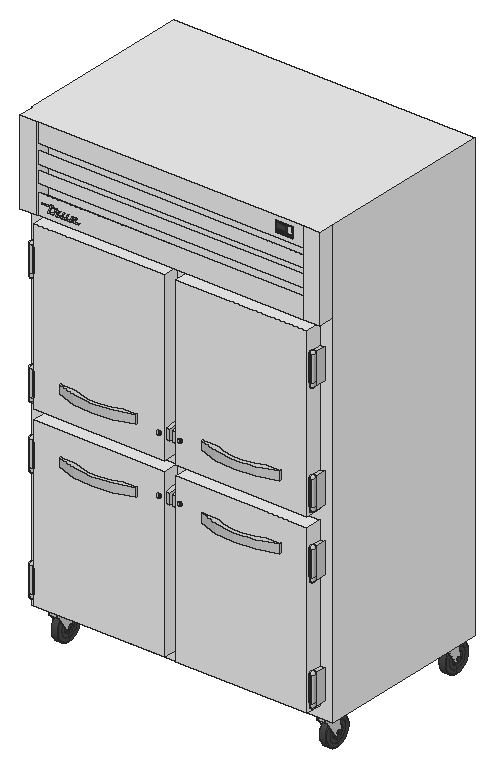
Revit family
Parameters
  Weight in Pounds = 0
  Watts = Volts * FL Amps  # 1334 W
  Volts = 115 V
  URL Cutsheet = "www.truemfg.com"
  URL = "www.truemfg.com"
  Type Mark [instance] = ""
  Type Comments = ""
  Status [instance] = ""
  Specification by User [instance] = ""
  Specification by Manufacturer = ""
  Show Seismic Flanged [instance] = no
  Show Logo [instance] = yes
  Show Legs [instance] = no
  Show Clearance [instance] = yes
  Serial Number = ""
  Seismic Rating = ""
  Seismic Plate [instance] = and(Show Seismic Flanged, not(Show Casters))  # no
  SMACNA No = ""
  Revision Code [instance] = ""
  Phase = 1
  Omniclass Number and Title = ""
  Number of Poles [instance] = 1
  NAFEM Spec ID Number = ""
  Model = "STG2DT-4HS"
  Min Ckt Ampacity = 0 A
  Max Overcurrent Protection = 0 A
  Masterspec = ""
  Manufacturer = "TRUE FOOD SERVICE EQUIPMENT, INC."
  Length = 52 5/8"
  Legs [instance] = or(Show Legs, Show Seismic Flanged)  # no
  Item Number [instance] = ""
  Installed By [instance] = ""
  Identify Quantity as Lot [instance] = yes
  Height = 77 3/4"
  HP = ""
  Furnished By [instance] = ""
  Foodservice Equipment Identifier [instance] = yes
  FL Amps = 11.6 A
  Electrical Remarks [instance] = ""
  Electric Connection Type [instance] = ""
  Elec Conn RI Height [instance] = 0"
  Elec Conn Connection Height [instance] = 0"
  Description = "Reach-in Solid Half Swing Door Dual Temperature Refrigerator/Freezer"
  Depth = 33 3/4"
  Cycle = 60 Hz
  Conn Plug = "5-20P"
  Conn Conduit = yes
  Show Casters [instance] = and(not(if(Show Legs, Show Legs, Show Legs)), not(if(Show Legs, Show Legs, Show Seismic Flanged)))  # yes
  CSI MasterFormat = ""
  CSI Master Format = ""
  Apparent Power = if(Phase = 3, Volts * FL Amps * 1.73, Volts * FL Amps)  # 1334 VA
Reference planes (in)
  plane 1 "BACK": y = 0
  plane 2: z = 0
  plane 3 "LEFT": x = 0
  plane 4 "RIGHT": x = 52.625
  plane 5 "FRONT": y = -33.75
  plane 6 "TOP": z = 84.125
  plane 7: z = 6.125
  plane 8: x = 26.3125
  plane 9: x = 3
  plane 10: x = 49.9375
  plane 11: y = -33.7042
  plane 12: x = 26.46875
Forms (in)
  Extrusion 1, solid, material "QF_Finishes_Chrome - Satin"
    sketch origin (0.05, 0, 0) x (1, 0, 0) y (0, 1, 0)
      loop
        line (-0.05, 0) -> (-0.05, -31) -> (2.35625, -31) -> (2.35625, 0) -> (-0.05, 0)
    from 6.125 to 84.125
  Extrusion 2, solid, material "QF_Finishes_Chrome - Satin"
    sketch origin (50.15, 0, 0) x (1, 0, 0) y (0, 1, 0)
      loop
        line (0.225, 0) -> (0.225, -31) -> (2.475, -31) -> (2.475, 0) -> (0.225, 0)
    from 6.125 to 84.125
  Extrusion 3, solid, material "QF_Finishes_Chrome - Satin"
    sketch origin (0, 0, 0) x (0, 1, 0) y (0, 0, 1)
      loop
        line (-33.7042, 69.5) -> (-31, 69.5) -> (-31, 6.125) -> (0, 6.125) -> (0, 84.125) -> (-33.7042, 84.125) -> (-33.7042, 80.78078) -> (-31.5, 79.21352) -> (-31.5, 78.09125) -> (-33.7042, 79.65851) -> (-33.7042, 77.5248) -> (-31.5, 75.95754) -> (-31.5, 74.99678) -> (-33.7042, 76.56404) -> (-33.7042, 74.46784) -> (-31.5, 72.90057) -> (-31.5, 71.625) -> (-33.7042, 73.19226) -> (-33.7042, 69.5)
    from 2.25 to 50.375
  Extrusion 4, solid, material "QF_Finishes_Chrome - Satin"
    sketch origin (0, 0, 0) x (1, 0, 0) y (0, 1, 0)
      loop
        line (52.54687, -31) -> (49.66032, -31) -> (49.66032, -33.75) -> (52.54687, -33.75) -> (52.54687, -31)
    from 69.5 to 84.125
  Extrusion 5, solid, material "QF_Finishes_Chrome - Satin"
    sketch origin (-50.125, 0, 0.25) x (1, 0, 0) y (0, 1, 0)
      loop
        line (53.20984, -31) -> (50.20312, -31) -> (50.20312, -33.75) -> (53.20984, -33.75) -> (53.20984, -31)
    from 69.25 to 83.875
  Extrusion 6, solid, material "QF_Finishes_Chrome - Satin"
    sketch origin (0, 0, -0.71875) x (1, 0, 0) y (0, 0, 1)
      loop
        line (2.4375, 68.6875) -> (2.4375, 39.59375) -> (25.375, 39.59375) -> (25.375, 68.6875) -> (2.4375, 68.6875)
      loop
        line (50.34375, 68.6875) -> (27.40625, 68.6875) -> (27.40625, 39.59375) -> (50.34375, 39.59375) -> (50.34375, 68.6875)
      loop
        line (2.4375, 8.75) -> (25.375, 8.75) -> (25.375, 37.84375) -> (2.4375, 37.84375) -> (2.4375, 8.75)
      loop
        line (27.40625, 8.75) -> (50.34375, 8.75) -> (50.34375, 37.84375) -> (27.40625, 37.84375) -> (27.40625, 8.75)
    from 31 to 33.75
  Extrusion 7, solid, material "QF_Finishes_Handrails and Railings"
    sketch origin (85.95, -0.25, 32.09144) x (1, 0, 0) y (0, 1, 0)
      loop
        line (-53.875, -33.5) -> (-53.875, -33.7)
        arc (-53.875, -33.7) -> (-47.075, -35.14405) -> (-40.275, -33.7) r 16.7325
        line (-40.275, -33.7) -> (-40.275, -33.5) -> (-42.675, -33.5)
        arc (-42.675, -33.5) -> (-47.075, -34.65816) -> (-51.475, -33.5) r 8.93715
        line (-51.475, -33.5) -> (-53.875, -33.5)
    from 10.87731 to 12.37731
  Extrusion 8, solid, material "QF_Finishes_Handrails and Railings"
    sketch origin (1.75, 0, 2.875) x (1, 0, 0) y (0, 0, 1)
      loop
        circle (22.6875, 40.0625) r 0.35
      loop
        line (22.65235, 40.33635) -> (22.65235, 39.76895) -> (22.70785, 39.76895) -> (22.70785, 40.33635) -> (22.65235, 40.33635)
      loop
        circle (26.3125, 40.0625) r 0.35
      loop
        line (26.34765, 40.33635) -> (26.29215, 40.33635) -> (26.29215, 39.76895) -> (26.34765, 39.76895) -> (26.34765, 40.33635)
    from 33.5 to 33.83066
  Extrusion 9, solid, material "QF_Finishes_Handrails and Railings", visible <- "Show Logo"
    sketch origin (0.33478, 1.08173, -6.73143) x (1, 0, 0) y (0, 0, 1)
      loop
        line (3.61669, 78.46231) -> (3.51103, 78.23573) -> (4.91652, 78.23573)
        arc (4.91652, 78.23573) -> (4.94504, 78.18528) -> (4.91652, 78.13484) r 0.05887
        line (4.91652, 78.13484) -> (4.54994, 77.34872)
        arc (4.54994, 77.34872) -> (4.54676, 77.27591) -> (4.596, 77.22217) r 0.09523
        line (4.596, 77.22217) -> (5.49469, 77.22217)
        arc (5.49469, 77.22217) -> (5.60817, 77.25795) -> (5.68061, 77.35235) r 0.19785
        line (5.68061, 77.35235) -> (5.9691, 77.97101) -> (6.23415, 77.97101)
        arc (6.23415, 77.97101) -> (6.30369, 77.94543) -> (6.29362, 77.87203) r 0.05911
        line (6.29362, 77.87203) -> (6.05223, 77.35437)
        arc (6.05223, 77.35437) -> (6.05599, 77.2684) -> (6.12856, 77.22217) r 0.09318
        line (6.12856, 77.22217) -> (6.91823, 77.22217)
        arc (6.91823, 77.22217) -> (6.97874, 77.24419) -> (7.01093, 77.29995) r 0.09412
        arc (7.01093, 77.29995) -> (7.03371, 77.24495) -> (7.08871, 77.22217) r 0.07778
        line (7.08871, 77.22217) -> (7.58871, 77.22217)
        arc (7.58871, 77.22217) -> (7.64647, 77.23765) -> (7.68876, 77.27993) r 0.11552
        arc (7.68876, 77.27993) -> (7.709, 77.23106) -> (7.75787, 77.21081) r 0.06912
        line (7.75787, 77.21081) -> (8.4685, 77.21081)
        arc (8.4685, 77.21081) -> (8.52659, 77.23488) -> (8.55066, 77.29297) r 0.08216
        arc (8.55066, 77.29297) -> (8.60392, 77.23972) -> (8.67667, 77.22022) r 0.14551
        line (8.67667, 77.22022) -> (10.00783, 77.22022) -> (10.15571, 77.47634) -> (8.81303, 77.47634)
        arc (8.81303, 77.47634) -> (8.77597, 77.50204) -> (8.77459, 77.54711) r 0.05009
        line (8.77459, 77.54711) -> (8.79782, 77.59692)
        arc (8.79782, 77.59692) -> (8.83348, 77.64364) -> (8.88952, 77.66135) r 0.09747
        line (8.88952, 77.66135) -> (9.3211, 77.66135)
        arc (9.3211, 77.66135) -> (9.41425, 77.68631) -> (9.48244, 77.7545) r 0.1863
        line (9.48244, 77.7545) -> (9.60744, 77.97101)
        arc (9.60744, 77.97101) -> (9.60744, 78.08657) -> (9.50736, 78.14434) r 0.11556
        line (9.50736, 78.14434) -> (9.05187, 78.14434)
        arc (9.05187, 78.14434) -> (8.93575, 78.12462) -> (8.85474, 78.03912) r 0.18605
        line (8.85474, 78.03912) -> (8.63829, 77.57493)
        arc (8.63829, 77.57493) -> (8.5744, 77.49167) -> (8.47431, 77.46011) r 0.1745
        line (8.47431, 77.46011) -> (8.00184, 77.46011)
        arc (8.00184, 77.46011) -> (7.94528, 77.52184) -> (7.94893, 77.60548) r 0.10939
        line (7.94893, 77.60548) -> (8.2002, 78.14434) -> (8.04028, 78.14434) -> (7.77406, 77.57344)
        arc (7.77406, 77.57344) -> (7.72234, 77.50603) -> (7.6413, 77.48048) r 0.14128
        line (7.6413, 77.48048) -> (7.3155, 77.48048)
        arc (7.3155, 77.48048) -> (7.26044, 77.55223) -> (7.27225, 77.64189) r 0.11816
        line (7.27225, 77.64189) -> (7.50655, 78.14434) -> (7.34139, 78.14434) -> (7.07171, 77.566)
        arc (7.07171, 77.566) -> (7.0091, 77.50339) -> (6.92358, 77.48048) r 0.17104
        line (6.92358, 77.48048) -> (6.4518, 77.48048)
        arc (6.4518, 77.48048) -> (6.36707, 77.51999) -> (6.35892, 77.61313) r 0.0935
        line (6.35892, 77.61313) -> (6.51399, 77.94569) -> (6.7332, 77.94569)
        arc (6.7332, 77.94569) -> (6.7702, 78.05717) -> (6.84892, 78.14434) r 0.2857
        line (6.84892, 78.14434) -> (5.9923, 78.14434)
        arc (5.9923, 78.14434) -> (5.89711, 78.12324) -> (5.83123, 78.05135) r 0.16212
        line (5.83123, 78.05135) -> (5.59904, 77.55341)
        arc (5.59904, 77.55341) -> (5.54565, 77.50002) -> (5.47272, 77.48048) r 0.14586
        line (5.47272, 77.48048) -> (4.96131, 77.48048)
        arc (4.96131, 77.48048) -> (4.92139, 77.53442) -> (4.92899, 77.60109) r 0.09155
        line (4.92899, 77.60109) -> (5.26643, 78.23573) -> (6.1178, 78.23573) -> (6.22346, 78.46231) -> (5.37209, 78.46231) -> (5.47774, 78.68888) -> (5.17487, 78.68888) -> (5.06922, 78.46231) -> (3.61669, 78.46231)
      loop
        arc (8.9943, 77.93863) -> (8.95744, 77.92875) -> (8.93045, 77.90176) r 0.07373
        line (8.93045, 77.90176) -> (8.90854, 77.83436)
        arc (8.90854, 77.83436) -> (8.9187, 77.80983) -> (8.94324, 77.79966) r 0.0347
        line (8.94324, 77.79966) -> (9.31573, 77.79966)
        arc (9.31573, 77.79966) -> (9.34257, 77.80561) -> (9.36437, 77.82234) r 0.0635
        line (9.36437, 77.82234) -> (9.38249, 77.90622)
        arc (9.38249, 77.90622) -> (9.37716, 77.92868) -> (9.35634, 77.93863) r 0.02676
        line (9.35634, 77.93863) -> (8.9943, 77.93863)
    from 34.76797 to 34.83173
  Extrusion 10, solid
    sketch origin (0, 0, 0) x (1, 0, 0) y (0, 0, 1)
      loop
        circle (49.53125, 82) r 0.25
    from 0 to 0.0625
  Extrusion 11, solid, material "QF_Finishes_Handrails and Railings"
    sketch origin (-33.16875, -0.25, 32.09144) x (1, 0, 0) y (0, 1, 0)
      loop
        line (53.71875, -33.5) -> (51.31875, -33.5)
        arc (51.31875, -33.5) -> (47.075, -34.58228) -> (42.83125, -33.5) r 8.86127
        line (42.83125, -33.5) -> (40.43125, -33.5) -> (40.43125, -33.7)
        arc (40.43125, -33.7) -> (47.075, -35.08117) -> (53.71875, -33.7) r 16.66961
        line (53.71875, -33.7) -> (53.71875, -33.5)
    from 10.87731 to 12.37731
  Blend 12, solid, material "QF_Finishes_Handrails and Railings"
    base sketch origin (0.125, 0, 4.875) x (1, 0, 0) y (0, 0, 1)
      loop
        line (25.25, 38.99169) -> (25.25, 37.24169) -> (26, 37.24169) -> (26, 38.99169) -> (25.25, 38.99169)
    top sketch origin (0.125, 0, 4.875) x (1, 0, 0) y (0, 0, 1)
      loop
        line (26.18223, 36.6441) -> (26.18223, 39.42643) -> (25.25, 39.42643) -> (25.25, 36.6441) -> (26.18223, 36.6441)
    from 33.57883 to 31
  Blend 13, solid, material "QF_Finishes_Handrails and Railings"
    base sketch origin (52.65625, 0, 4.875) x (-1, 0, 0) y (0, 0, -1)
      loop
        line (25.25, -38.99169) -> (26, -38.99169) -> (26, -37.24169) -> (25.25, -37.24169) -> (25.25, -38.99169)
    top sketch origin (52.65625, 0, 4.875) x (-1, 0, 0) y (0, 0, -1)
      loop
        line (26.18223, -36.6441) -> (25.25, -36.6441) -> (25.25, -39.42643) -> (26.18223, -39.42643) -> (26.18223, -36.6441)
    from 33.57883 to 31
  Extrusion 14, solid, material "QF_Finishes_Handrails and Railings"
    sketch origin (1.28125, 0, 0) x (0, 1, 0) y (0, 0, 1)
      loop
        line (-31, 64.55229) -> (-32.61044, 64.55229)
        arc (-32.61044, 64.55229) -> (-32.75506, 64.49238) -> (-32.81497, 64.34776) r 0.20453
        line (-32.81497, 64.34776) -> (-32.81497, 59.94848) -> (-33.25, 59.94848) -> (-33.25, 59.23627) -> (-31, 59.23627) -> (-31, 64.55229)
    from 0.17506 to 1
  Revolve 15, solid, material "QF_Finishes_Handrails and Railings"
    sketch origin (1.78125, 0, 0) x (0, 1, 0) y (0, 0, 1)
      loop
        line (-33.26563, 60.00189) -> (-33.26563, 64.81483)
        arc (-33.26563, 64.81483) -> (-33.53722, 64.72557) -> (-33.67229, 64.4736) r 0.3848
        line (-33.67229, 64.4736) -> (-33.67229, 60.00189) -> (-33.26563, 60.00189)
      loop
        line (-33.26563, 59.94848) -> (-33.67229, 59.94848) -> (-33.67229, 59.37712)
        arc (-33.67229, 59.37712) -> (-33.53264, 59.13383) -> (-33.26563, 59.04781) r 0.38884
        line (-33.26563, 59.04781) -> (-33.26563, 59.94848)
      axis (-33.26563, 59.04781) -> (-33.26563, 64.81483)
    angle from 0 to 360
  Extrusion 16, solid, material "QF_Finishes_Handrails and Railings"
    sketch origin (-0.03125, 0, 0) x (1, 0, 0) y (0, 0, 1)
      loop
        line (2.07116, 64.4736) -> (2.07116, 60.00079) -> (2.46875, 60.00079) -> (2.46875, 64.4736) -> (2.07116, 64.4736)
    from 32.81497 to 33.59495
  Extrusion 17, solid, material "QF_Finishes_Handrails and Railings"
    sketch origin (1.28125, 0, -19.5) x (0, 1, 0) y (0, 0, 1)
      loop
        line (-31, 64.55229) -> (-32.61044, 64.55229)
        arc (-32.61044, 64.55229) -> (-32.75506, 64.49238) -> (-32.81497, 64.34776) r 0.20453
        line (-32.81497, 64.34776) -> (-32.81497, 59.94848) -> (-33.25, 59.94848) -> (-33.25, 59.23627) -> (-31, 59.23627) -> (-31, 64.55229)
    from 0.17506 to 1
  Revolve 18, solid, material "QF_Finishes_Handrails and Railings"
    sketch origin (1.78125, 0, -19.5) x (0, 1, 0) y (0, 0, 1)
      loop
        line (-33.26563, 60.00189) -> (-33.26563, 64.81483)
        arc (-33.26563, 64.81483) -> (-33.53722, 64.72557) -> (-33.67229, 64.4736) r 0.3848
        line (-33.67229, 64.4736) -> (-33.67229, 60.00189) -> (-33.26563, 60.00189)
      loop
        line (-33.26563, 59.94848) -> (-33.67229, 59.94848) -> (-33.67229, 59.37712)
        arc (-33.67229, 59.37712) -> (-33.53264, 59.13383) -> (-33.26563, 59.04781) r 0.38884
        line (-33.26563, 59.04781) -> (-33.26563, 59.94848)
      axis (-33.26563, 59.04781) -> (-33.26563, 64.81483)
    angle from 0 to 360
  Extrusion 19, solid, material "QF_Finishes_Handrails and Railings"
    sketch origin (-0.03125, 0, -19.5) x (1, 0, 0) y (0, 0, 1)
      loop
        line (2.07116, 64.4736) -> (2.07116, 60.00079) -> (2.46875, 60.00079) -> (2.46875, 64.4736) -> (2.07116, 64.4736)
    from 32.81497 to 33.59495
  Extrusion 20, solid, material "QF_Finishes_Handrails and Railings"
    sketch origin (1.28125, 0, -30.5) x (0, 1, 0) y (0, 0, 1)
      loop
        line (-31, 64.55229) -> (-32.61044, 64.55229)
        arc (-32.61044, 64.55229) -> (-32.75506, 64.49238) -> (-32.81497, 64.34776) r 0.20453
        line (-32.81497, 64.34776) -> (-32.81497, 59.94848) -> (-33.25, 59.94848) -> (-33.25, 59.23627) -> (-31, 59.23627) -> (-31, 64.55229)
    from 0.17506 to 1
  Revolve 21, solid, material "QF_Finishes_Handrails and Railings"
    sketch origin (1.78125, 0, -30.5) x (0, 1, 0) y (0, 0, 1)
      loop
        line (-33.26563, 60.00189) -> (-33.26563, 64.81483)
        arc (-33.26563, 64.81483) -> (-33.53722, 64.72557) -> (-33.67229, 64.4736) r 0.3848
        line (-33.67229, 64.4736) -> (-33.67229, 60.00189) -> (-33.26563, 60.00189)
      loop
        line (-33.26563, 59.94848) -> (-33.67229, 59.94848) -> (-33.67229, 59.37712)
        arc (-33.67229, 59.37712) -> (-33.53264, 59.13383) -> (-33.26563, 59.04781) r 0.38884
        line (-33.26563, 59.04781) -> (-33.26563, 59.94848)
      axis (-33.26563, 59.04781) -> (-33.26563, 64.81483)
    angle from 0 to 360
  Extrusion 22, solid, material "QF_Finishes_Handrails and Railings"
    sketch origin (-0.03125, 0, -30.5) x (1, 0, 0) y (0, 0, 1)
      loop
        line (2.07116, 64.4736) -> (2.07116, 60.00079) -> (2.46875, 60.00079) -> (2.46875, 64.4736) -> (2.07116, 64.4736)
    from 32.81497 to 33.59495
  Extrusion 23, solid, material "QF_Finishes_Handrails and Railings"
    sketch origin (1.28125, 0, -50.25) x (0, 1, 0) y (0, 0, 1)
      loop
        line (-31, 64.55229) -> (-32.61044, 64.55229)
        arc (-32.61044, 64.55229) -> (-32.75506, 64.49238) -> (-32.81497, 64.34776) r 0.20453
        line (-32.81497, 64.34776) -> (-32.81497, 59.94848) -> (-33.25, 59.94848) -> (-33.25, 59.23627) -> (-31, 59.23627) -> (-31, 64.55229)
    from 0.17506 to 1
  Revolve 24, solid, material "QF_Finishes_Handrails and Railings"
    sketch origin (1.78125, 0, -50.25) x (0, 1, 0) y (0, 0, 1)
      loop
        line (-33.26563, 60.00189) -> (-33.26563, 64.81483)
        arc (-33.26563, 64.81483) -> (-33.53722, 64.72557) -> (-33.67229, 64.4736) r 0.3848
        line (-33.67229, 64.4736) -> (-33.67229, 60.00189) -> (-33.26563, 60.00189)
      loop
        line (-33.26563, 59.94848) -> (-33.67229, 59.94848) -> (-33.67229, 59.37712)
        arc (-33.67229, 59.37712) -> (-33.53264, 59.13383) -> (-33.26563, 59.04781) r 0.38884
        line (-33.26563, 59.04781) -> (-33.26563, 59.94848)
      axis (-33.26563, 59.04781) -> (-33.26563, 64.81483)
    angle from 0 to 360
  Extrusion 25, solid, material "QF_Finishes_Handrails and Railings"
    sketch origin (-0.03125, 0, -50.25) x (1, 0, 0) y (0, 0, 1)
      loop
        line (2.07116, 64.4736) -> (2.07116, 60.00079) -> (2.46875, 60.00079) -> (2.46875, 64.4736) -> (2.07116, 64.4736)
    from 32.81497 to 33.59495
  Extrusion 26, solid, material "QF_Finishes_Handrails and Railings"
    sketch origin (51.34375, 0, 0) x (0, 1, 0) y (0, 0, -1)
      loop
        line (-31, -64.55229) -> (-31, -59.23627) -> (-33.25, -59.23627) -> (-33.25, -59.94848) -> (-32.81497, -59.94848) -> (-32.81497, -64.34776)
        arc (-32.81497, -64.34776) -> (-32.75506, -64.49238) -> (-32.61044, -64.55229) r 0.20453
        line (-32.61044, -64.55229) -> (-31, -64.55229)
    from 0.17506 to 1
  Revolve 27, solid, material "QF_Finishes_Handrails and Railings"
    sketch origin (50.84375, 0, 0) x (0, 1, 0) y (0, 0, -1)
      loop
        line (-33.26563, -60.00189) -> (-33.67229, -60.00189) -> (-33.67229, -64.4736)
        arc (-33.67229, -64.4736) -> (-33.53722, -64.72557) -> (-33.26563, -64.81483) r 0.3848
        line (-33.26563, -64.81483) -> (-33.26563, -60.00189)
      loop
        line (-33.26563, -59.94848) -> (-33.26563, -59.04781)
        arc (-33.26563, -59.04781) -> (-33.53264, -59.13383) -> (-33.67229, -59.37712) r 0.38884
        line (-33.67229, -59.37712) -> (-33.67229, -59.94848) -> (-33.26563, -59.94848)
      axis (-33.26563, -59.04781) -> (-33.26563, -64.81483)
    angle from 0 to 360
  Extrusion 28, solid, material "QF_Finishes_Handrails and Railings"
    sketch origin (52.65625, 0, 0) x (-1, 0, 0) y (0, 0, -1)
      loop
        line (1.75866, -64.4736) -> (2.15625, -64.4736) -> (2.15625, -60.00079) -> (1.75866, -60.00079) -> (1.75866, -64.4736)
    from 32.81497 to 33.59495
  Extrusion 29, solid, material "QF_Finishes_Handrails and Railings"
    sketch origin (51.34375, 0, -19.5) x (0, 1, 0) y (0, 0, -1)
      loop
        line (-31, -64.55229) -> (-31, -59.23627) -> (-33.25, -59.23627) -> (-33.25, -59.94848) -> (-32.81497, -59.94848) -> (-32.81497, -64.34776)
        arc (-32.81497, -64.34776) -> (-32.75506, -64.49238) -> (-32.61044, -64.55229) r 0.20453
        line (-32.61044, -64.55229) -> (-31, -64.55229)
    from 0.17506 to 1
  Revolve 30, solid, material "QF_Finishes_Handrails and Railings"
    sketch origin (50.84375, 0, -19.5) x (0, 1, 0) y (0, 0, -1)
      loop
        line (-33.26563, -60.00189) -> (-33.67229, -60.00189) -> (-33.67229, -64.4736)
        arc (-33.67229, -64.4736) -> (-33.53722, -64.72557) -> (-33.26563, -64.81483) r 0.3848
        line (-33.26563, -64.81483) -> (-33.26563, -60.00189)
      loop
        line (-33.26563, -59.94848) -> (-33.26563, -59.04781)
        arc (-33.26563, -59.04781) -> (-33.53264, -59.13383) -> (-33.67229, -59.37712) r 0.38884
        line (-33.67229, -59.37712) -> (-33.67229, -59.94848) -> (-33.26563, -59.94848)
      axis (-33.26563, -59.04781) -> (-33.26563, -64.81483)
    angle from 0 to 360
  Extrusion 31, solid, material "QF_Finishes_Handrails and Railings"
    sketch origin (52.65625, 0, -19.5) x (-1, 0, 0) y (0, 0, -1)
      loop
        line (1.75866, -64.4736) -> (2.15625, -64.4736) -> (2.15625, -60.00079) -> (1.75866, -60.00079) -> (1.75866, -64.4736)
    from 32.81497 to 33.59495
  Extrusion 32, solid, material "QF_Finishes_Handrails and Railings"
    sketch origin (51.34375, 0, -30.5) x (0, 1, 0) y (0, 0, -1)
      loop
        line (-31, -64.55229) -> (-31, -59.23627) -> (-33.25, -59.23627) -> (-33.25, -59.94848) -> (-32.81497, -59.94848) -> (-32.81497, -64.34776)
        arc (-32.81497, -64.34776) -> (-32.75506, -64.49238) -> (-32.61044, -64.55229) r 0.20453
        line (-32.61044, -64.55229) -> (-31, -64.55229)
    from 0.17506 to 1
  Revolve 33, solid, material "QF_Finishes_Handrails and Railings"
    sketch origin (50.84375, 0, -30.5) x (0, 1, 0) y (0, 0, -1)
      loop
        line (-33.26563, -60.00189) -> (-33.67229, -60.00189) -> (-33.67229, -64.4736)
        arc (-33.67229, -64.4736) -> (-33.53722, -64.72557) -> (-33.26563, -64.81483) r 0.3848
        line (-33.26563, -64.81483) -> (-33.26563, -60.00189)
      loop
        line (-33.26563, -59.94848) -> (-33.26563, -59.04781)
        arc (-33.26563, -59.04781) -> (-33.53264, -59.13383) -> (-33.67229, -59.37712) r 0.38884
        line (-33.67229, -59.37712) -> (-33.67229, -59.94848) -> (-33.26563, -59.94848)
      axis (-33.26563, -59.04781) -> (-33.26563, -64.81483)
    angle from 0 to 360
  Extrusion 34, solid, material "QF_Finishes_Handrails and Railings"
    sketch origin (52.65625, 0, -30.5) x (-1, 0, 0) y (0, 0, -1)
      loop
        line (1.75866, -64.4736) -> (2.15625, -64.4736) -> (2.15625, -60.00079) -> (1.75866, -60.00079) -> (1.75866, -64.4736)
    from 32.81497 to 33.59495
  Extrusion 35, solid, material "QF_Finishes_Handrails and Railings"
    sketch origin (51.34375, 0, -50.25) x (0, 1, 0) y (0, 0, -1)
      loop
        line (-31, -64.55229) -> (-31, -59.23627) -> (-33.25, -59.23627) -> (-33.25, -59.94848) -> (-32.81497, -59.94848) -> (-32.81497, -64.34776)
        arc (-32.81497, -64.34776) -> (-32.75506, -64.49238) -> (-32.61044, -64.55229) r 0.20453
        line (-32.61044, -64.55229) -> (-31, -64.55229)
    from 0.17506 to 1
  Revolve 36, solid, material "QF_Finishes_Handrails and Railings"
    sketch origin (50.84375, 0, -50.25) x (0, 1, 0) y (0, 0, -1)
      loop
        line (-33.26563, -60.00189) -> (-33.67229, -60.00189) -> (-33.67229, -64.4736)
        arc (-33.67229, -64.4736) -> (-33.53722, -64.72557) -> (-33.26563, -64.81483) r 0.3848
        line (-33.26563, -64.81483) -> (-33.26563, -60.00189)
      loop
        line (-33.26563, -59.94848) -> (-33.26563, -59.04781)
        arc (-33.26563, -59.04781) -> (-33.53264, -59.13383) -> (-33.67229, -59.37712) r 0.38884
        line (-33.67229, -59.37712) -> (-33.67229, -59.94848) -> (-33.26563, -59.94848)
      axis (-33.26563, -59.04781) -> (-33.26563, -64.81483)
    angle from 0 to 360
  Extrusion 37, solid, material "QF_Finishes_Handrails and Railings"
    sketch origin (52.65625, 0, -50.25) x (-1, 0, 0) y (0, 0, -1)
      loop
        line (1.75866, -64.4736) -> (2.15625, -64.4736) -> (2.15625, -60.00079) -> (1.75866, -60.00079) -> (1.75866, -64.4736)
    from 32.81497 to 33.59495
  Revolve 38, solid, material "QF_Finishes_Black", visible <- "Show Casters"
    sketch origin (47.78125, -27.375, 0) x (1, 0, 0) y (0, 0, 1)
      loop
        line (1.63125, 5) -> (1.53125, 4.9) -> (1.53125, 4.29941) -> (1.69226, 4.29941) -> (1.69226, 3.54941) -> (1.53125, 3.54941) -> (1.53125, 2.79941) -> (1.13125, 2.79941) -> (1.13125, 2.5) -> (3.18125, 2.5) -> (3.18125, 2.79941) -> (2.78533, 2.79941) -> (2.78533, 3.54941) -> (2.62024, 3.54941) -> (2.62024, 4.29941) -> (2.78533, 4.29941) -> (2.78533, 4.89592) -> (2.68125, 5) -> (1.63125, 5)
      axis (3.18125, 2.5) -> (1.13125, 2.5)
    angle from 0 to 360
  Extrusion 39, solid, material "QF_Finishes_Handrails and Railings", visible <- "Show Casters"
    sketch origin (47.78125, 0, 0) x (0, 1, 0) y (0, 0, 1)
      loop
        line (-29.95136, 5.48574) -> (-29.95136, 4.88089) -> (-29.70136, 4.88089) -> (-27.95216, 2.18736)
        arc (-27.95216, 2.18736) -> (-27.23883, 1.94868) -> (-26.84581, 2.59003) r 0.60416
        line (-26.84581, 2.59003) -> (-27.20136, 5.48574) -> (-29.95136, 5.48574)
      loop
        line (-3.8577, 5.48574) -> (-3.8577, 4.88089) -> (-3.6077, 4.88089) -> (-1.8585, 2.18736)
        arc (-1.8585, 2.18736) -> (-1.14517, 1.94868) -> (-0.75215, 2.59003) r 0.60416
        line (-0.75215, 2.59003) -> (-1.1077, 5.48574) -> (-3.8577, 5.48574)
    from 1.175 to 1.325
  Extrusion 40, solid, material "QF_Finishes_Handrails and Railings", visible <- "Show Casters"
    sketch origin (49.28125, 0, 0) x (0, 1, 0) y (0, 0, 1)
      loop
        line (-29.95136, 5.48574) -> (-29.95136, 4.88089) -> (-29.70136, 4.88089) -> (-27.95216, 2.18736)
        arc (-27.95216, 2.18736) -> (-27.23883, 1.94868) -> (-26.84581, 2.59003) r 0.60416
        line (-26.84581, 2.59003) -> (-27.20136, 5.48574) -> (-29.95136, 5.48574)
      loop
        line (-3.8577, 5.48574) -> (-3.8577, 4.88089) -> (-3.6077, 4.88089) -> (-1.8585, 2.18736)
        arc (-1.8585, 2.18736) -> (-1.14517, 1.94868) -> (-0.75215, 2.59003) r 0.60416
        line (-0.75215, 2.59003) -> (-1.1077, 5.48574) -> (-3.8577, 5.48574)
    from 1.175 to 1.325
  Revolve 41, solid, material "QF_Finishes_Chrome - Satin", visible <- "Show Casters"
    sketch origin (47.78125, -28.5625, -0.5) x (1, 0, 0) y (0, 0, 1)
      loop
        line (2.15625, 5.99546) -> (2.15625, 6.62359) -> (0.85918, 6.62359) -> (0.85918, 5.99546) -> (2.15625, 5.99546)
      axis (2.15625, 5.99546) -> (2.15625, 6.62359)
    angle from 0 to 360
  Revolve 42, solid, material "QF_Finishes_Chrome - Satin", visible <- "Legs"
    sketch origin (47.78125, -2.69102, 0) x (1, 0, 0) y (0, 0, 1)
      loop
        line (2.15625, 6.125) -> (0.82287, 6.125) -> (1.40625, 1) -> (1.65625, 1) -> (1.65625, 0) -> (2.15625, 0) -> (2.15625, 6.125)
      axis (2.15625, 0) -> (2.15625, 6.125)
    angle from 0 to 360
  Revolve 43, solid, material "QF_Finishes_Chrome - Satin", visible <- "Legs"
    sketch origin (47.78125, -28.65977, 0) x (1, 0, 0) y (0, 0, 1)
      loop
        line (2.15625, 6.125) -> (0.82287, 6.125) -> (1.40625, 1) -> (1.65625, 1) -> (1.65625, 0) -> (2.15625, 0) -> (2.15625, 6.125)
      axis (2.15625, 0) -> (2.15625, 6.125)
    angle from 0 to 360
  Revolve 44, solid, material "QF_Finishes_Chrome - Satin", visible <- "Show Casters"
    sketch origin (47.78125, -2.70321, -0.5) x (1, 0, 0) y (0, 0, 1)
      loop
        line (2.15625, 5.99546) -> (2.15625, 6.62359) -> (0.85918, 6.62359) -> (0.85918, 5.99546) -> (2.15625, 5.99546)
      axis (2.15625, 5.99546) -> (2.15625, 6.62359)
    angle from 0 to 360
  Extrusion 45, solid, material "QF_Finishes_Handrails and Railings", visible <- "Show Casters"
    sketch origin (0, 0, 0) x (0, 1, 0) y (0, 0, 1)
      loop
        line (-29.95136, 5.48574) -> (-29.95136, 4.88089) -> (-29.70136, 4.88089) -> (-27.16533, 5.19227) -> (-27.20136, 5.48574) -> (-29.95136, 5.48574)
      loop
        line (-3.8577, 5.48574) -> (-3.8577, 4.88089) -> (-3.6077, 4.88089) -> (-1.07167, 5.19227) -> (-1.1077, 5.48574) -> (-3.8577, 5.48574)
    from 49.10625 to 50.45625
  Revolve 46, solid, material "QF_Finishes_Black", visible <- "Show Casters"
    sketch origin (47.78125, -1.21875, 0) x (1, 0, 0) y (0, 0, 1)
      loop
        line (1.63125, 5) -> (1.53125, 4.9) -> (1.53125, 4.29941) -> (1.69226, 4.29941) -> (1.69226, 3.54941) -> (1.53125, 3.54941) -> (1.53125, 2.79941) -> (1.13125, 2.79941) -> (1.13125, 2.5) -> (3.18125, 2.5) -> (3.18125, 2.79941) -> (2.78533, 2.79941) -> (2.78533, 3.54941) -> (2.62024, 3.54941) -> (2.62024, 4.29941) -> (2.78533, 4.29941) -> (2.78533, 4.89592) -> (2.68125, 5) -> (1.63125, 5)
      axis (3.18125, 2.5) -> (1.13125, 2.5)
    angle from 0 to 360
  Revolve 47, solid, material "QF_Finishes_Black", visible <- "Show Casters"
    sketch origin (0.84375, -27.375, 0) x (1, 0, 0) y (0, 0, 1)
      loop
        line (1.63125, 5) -> (1.53125, 4.9) -> (1.53125, 4.29941) -> (1.69226, 4.29941) -> (1.69226, 3.54941) -> (1.53125, 3.54941) -> (1.53125, 2.79941) -> (0.975, 2.79941) -> (0.975, 2.5) -> (3.18125, 2.5) -> (3.18125, 2.79941) -> (2.78533, 2.79941) -> (2.78533, 3.54941) -> (2.62024, 3.54941) -> (2.62024, 4.29941) -> (2.78533, 4.29941) -> (2.78533, 4.89592) -> (2.68125, 5) -> (1.63125, 5)
      axis (3.18125, 2.5) -> (0.975, 2.5)
    angle from 0 to 360
  Extrusion 48, solid, material "QF_Finishes_Handrails and Railings", visible <- "Show Casters"
    sketch origin (0.84375, 0, 0) x (0, 1, 0) y (0, 0, 1)
      loop
        line (-29.95136, 5.48574) -> (-29.95136, 4.88089) -> (-29.70136, 4.88089) -> (-27.95216, 2.18736)
        arc (-27.95216, 2.18736) -> (-27.23883, 1.94868) -> (-26.84581, 2.59003) r 0.60416
        line (-26.84581, 2.59003) -> (-27.20136, 5.48574) -> (-29.95136, 5.48574)
      loop
        line (-3.8577, 5.48574) -> (-3.8577, 4.88089) -> (-3.6077, 4.88089) -> (-1.8585, 2.18736)
        arc (-1.8585, 2.18736) -> (-1.14517, 1.94868) -> (-0.75215, 2.59003) r 0.60416
        line (-0.75215, 2.59003) -> (-1.1077, 5.48574) -> (-3.8577, 5.48574)
    from 1.175 to 1.325
  Extrusion 49, solid, material "QF_Finishes_Handrails and Railings", visible <- "Show Casters"
    sketch origin (2.34375, 0, 0) x (0, 1, 0) y (0, 0, 1)
      loop
        line (-29.95136, 5.48574) -> (-29.95136, 4.88089) -> (-29.70136, 4.88089) -> (-27.95216, 2.18736)
        arc (-27.95216, 2.18736) -> (-27.23883, 1.94868) -> (-26.84581, 2.59003) r 0.60416
        line (-26.84581, 2.59003) -> (-27.20136, 5.48574) -> (-29.95136, 5.48574)
      loop
        line (-3.8577, 5.48574) -> (-3.8577, 4.88089) -> (-3.6077, 4.88089) -> (-1.8585, 2.18736)
        arc (-1.8585, 2.18736) -> (-1.14517, 1.94868) -> (-0.75215, 2.59003) r 0.60416
        line (-0.75215, 2.59003) -> (-1.1077, 5.48574) -> (-3.8577, 5.48574)
    from 1.175 to 1.325
  Revolve 50, solid, material "QF_Finishes_Chrome - Satin", visible <- "Show Casters"
    sketch origin (0.84375, -28.5625, -0.5) x (1, 0, 0) y (0, 0, 1)
      loop
        line (2.15625, 5.99546) -> (2.15625, 6.62359) -> (0.85918, 6.62359) -> (0.85918, 5.99546) -> (2.15625, 5.99546)
      axis (2.15625, 5.99546) -> (2.15625, 6.62359)
    angle from 0 to 360
  Revolve 51, solid, material "QF_Finishes_Chrome - Satin", visible <- "Legs"
    sketch origin (0.84375, -2.69102, 0) x (1, 0, 0) y (0, 0, 1)
      loop
        line (2.15625, 6.125) -> (0.82287, 6.125) -> (1.40625, 1) -> (1.65625, 1) -> (1.65625, 0) -> (2.15625, 0) -> (2.15625, 6.125)
      axis (2.15625, 0) -> (2.15625, 6.125)
    angle from 0 to 360
  Revolve 52, solid, material "QF_Finishes_Chrome - Satin", visible <- "Legs"
    sketch origin (0.84375, -28.65977, 0) x (1, 0, 0) y (0, 0, 1)
      loop
        line (2.15625, 6.125) -> (0.82287, 6.125) -> (1.40625, 1) -> (1.65625, 1) -> (1.65625, 0) -> (2.15625, 0) -> (2.15625, 6.125)
      axis (2.15625, 0) -> (2.15625, 6.125)
    angle from 0 to 360
  Revolve 53, solid, material "QF_Finishes_Chrome - Satin", visible <- "Show Casters"
    sketch origin (0.84375, -2.70321, -0.5) x (1, 0, 0) y (0, 0, 1)
      loop
        line (2.15625, 5.99546) -> (2.15625, 6.62359) -> (0.85918, 6.62359) -> (0.85918, 5.99546) -> (2.15625, 5.99546)
      axis (2.15625, 5.99546) -> (2.15625, 6.62359)
    angle from 0 to 360
  Extrusion 54, solid, material "QF_Finishes_Handrails and Railings", visible <- "Show Casters"
    sketch origin (-46.9375, 0, 0) x (0, 1, 0) y (0, 0, 1)
      loop
        line (-29.95136, 5.48574) -> (-29.95136, 4.88089) -> (-29.70136, 4.88089) -> (-27.16533, 5.19227) -> (-27.20136, 5.48574) -> (-29.95136, 5.48574)
      loop
        line (-3.8577, 5.48574) -> (-3.8577, 4.88089) -> (-3.6077, 4.88089) -> (-1.07167, 5.19227) -> (-1.1077, 5.48574) -> (-3.8577, 5.48574)
    from 49.10625 to 50.45625
  Revolve 55, solid, material "QF_Finishes_Black", visible <- "Show Casters"
    sketch origin (0.84375, -1.21875, 0) x (1, 0, 0) y (0, 0, 1)
      loop
        line (1.63125, 5) -> (1.53125, 4.9) -> (1.53125, 4.29941) -> (1.69226, 4.29941) -> (1.69226, 3.54941) -> (1.53125, 3.54941) -> (1.53125, 2.79941) -> (0.975, 2.79941) -> (0.975, 2.5) -> (3.18125, 2.5) -> (3.18125, 2.79941) -> (2.78533, 2.79941) -> (2.78533, 3.54941) -> (2.62024, 3.54941) -> (2.62024, 4.29941) -> (2.78533, 4.29941) -> (2.78533, 4.89592) -> (2.68125, 5) -> (1.63125, 5)
      axis (3.18125, 2.5) -> (0.975, 2.5)
    angle from 0 to 360
  Extrusion 56, solid, material "QF_Finishes_White"
    sketch origin (1.49925, 1.06376, 1.58022) x (1, 0, 0) y (0, 0, 1)
      loop
        line (43.31732, 81.73227) -> (43.31732, 79.98496) -> (46.22357, 79.98496) -> (46.22357, 81.73227) -> (43.31732, 81.73227)
    from 34.75 to 34.76797
  Extrusion 57, solid, material "QF_Finishes_Black"
    sketch origin (1.49925, 1.06376, 1.58022) x (1, 0, 0) y (0, 0, 1)
      loop
        line (46.28607, 81.79477) -> (43.25482, 81.79477) -> (43.25482, 79.92246) -> (46.28607, 79.92246) -> (46.28607, 81.79477)
      loop
        spline (43.45482, 80.25372) -> (43.46333, 80.23754) -> (43.48831, 80.22247) -> (43.52804, 80.20952) -> (43.57982, 80.19959) -> (43.64011, 80.19335) -> (43.70482, 80.19122) -> (43.76952, 80.19335) -> (43.82982, 80.19959) -> (43.88159, 80.20952) -> (43.92132, 80.22247) -> (43.9463, 80.23754) -> (43.95482, 80.25372)
        spline (43.95482, 80.25372) -> (43.9463, 80.26989) -> (43.92132, 80.28497) -> (43.88159, 80.29791) -> (43.82982, 80.30784) -> (43.76952, 80.31409) -> (43.70482, 80.31622) -> (43.64011, 80.31409) -> (43.57982, 80.30784) -> (43.52804, 80.29791) -> (43.48831, 80.28497) -> (43.46333, 80.26989) -> (43.45482, 80.25372)
      loop
        spline (44.15083, 80.25372) -> (44.15935, 80.23754) -> (44.18432, 80.22247) -> (44.22405, 80.20952) -> (44.27583, 80.19959) -> (44.33612, 80.19335) -> (44.40083, 80.19122) -> (44.46553, 80.19335) -> (44.52583, 80.19959) -> (44.57761, 80.20952) -> (44.61734, 80.22247) -> (44.64231, 80.23754) -> (44.65083, 80.25372)
        spline (44.65083, 80.25372) -> (44.64231, 80.26989) -> (44.61734, 80.28497) -> (44.57761, 80.29791) -> (44.52583, 80.30784) -> (44.46553, 80.31409) -> (44.40083, 80.31622) -> (44.33612, 80.31409) -> (44.27583, 80.30784) -> (44.22405, 80.29791) -> (44.18432, 80.28497) -> (44.15935, 80.26989) -> (44.15083, 80.25372)
      loop
        spline (44.90083, 80.25372) -> (44.90935, 80.23754) -> (44.93432, 80.22247) -> (44.97405, 80.20952) -> (45.02583, 80.19959) -> (45.08612, 80.19335) -> (45.15083, 80.19122) -> (45.21553, 80.19335) -> (45.27583, 80.19959) -> (45.32761, 80.20952) -> (45.36734, 80.22247) -> (45.39231, 80.23754) -> (45.40083, 80.25372)
        spline (45.40083, 80.25372) -> (45.39231, 80.26989) -> (45.36734, 80.28497) -> (45.32761, 80.29791) -> (45.27583, 80.30784) -> (45.21553, 80.31409) -> (45.15083, 80.31622) -> (45.08612, 80.31409) -> (45.02583, 80.30784) -> (44.97405, 80.29791) -> (44.93432, 80.28497) -> (44.90935, 80.26989) -> (44.90083, 80.25372)
      loop
        line (43.45481, 81.59478) -> (43.45481, 80.59478) -> (45.15433, 80.59478) -> (45.15433, 81.59478) -> (43.45481, 81.59478)
      loop
        line (46.22357, 81.73227) -> (43.31732, 81.73227) -> (43.31732, 79.98496) -> (46.22357, 79.98496) -> (46.22357, 81.73227)
      loop
        spline (45.65083, 80.25372) -> (45.65935, 80.23754) -> (45.68432, 80.22247) -> (45.72405, 80.20952) -> (45.77583, 80.19959) -> (45.83612, 80.19335) -> (45.90083, 80.19122) -> (45.96553, 80.19335) -> (46.02583, 80.19959) -> (46.07761, 80.20952) -> (46.11734, 80.22247) -> (46.14231, 80.23754) -> (46.15083, 80.25372)
        spline (46.15083, 80.25372) -> (46.14231, 80.26989) -> (46.11734, 80.28497) -> (46.07761, 80.29791) -> (46.02583, 80.30784) -> (45.96553, 80.31409) -> (45.90083, 80.31622) -> (45.83612, 80.31409) -> (45.77583, 80.30784) -> (45.72405, 80.29791) -> (45.68432, 80.28497) -> (45.65935, 80.26989) -> (45.65083, 80.25372)
    from 34.76797 to 34.80335
  Extrusion 58, solid, material "QF_Finishes_Door Clearance", visible <- "Show Clearance", detail levels coarse
    sketch origin (0.66534, -3.6098, 0) x (-1, 0, 0) y (0, -1, 0)
      loop
        line (-1.77216, 30.1402) -> (-1.77216, 53.0777)
        arc (-1.77216, 53.0777) -> (-17.99142, 46.35946) -> (-24.70966, 30.1402) r 22.9375
        line (-24.70966, 30.1402) -> (-1.77216, 30.1402)
      loop
        arc (-26.74091, 30.1402) -> (-33.45915, 46.35946) -> (-49.67841, 53.0777) r 22.9375
        line (-49.67841, 53.0777) -> (-49.67841, 30.1402) -> (-26.74091, 30.1402)
    from 38.875 to 67.96875
  Extrusion 59, solid, material "QF_Finishes_Chrome - Satin", visible <- "Seismic Plate"
    sketch origin (-0.22541, -26.96562, 0) x (1, 0, 0) y (0, 1, 0)
      loop
        circle (3.22541, -1.69416) r 1.5
    from 0 to 0.25
  Extrusion 60, solid, material "QF_Finishes_Chrome - Satin", visible <- "Seismic Plate"
    sketch origin (-0.22541, -0.99687, 0) x (1, 0, 0) y (0, 1, 0)
      loop
        circle (3.22541, -1.69416) r 1.5
    from 0 to 0.25
  Extrusion 61, solid, material "QF_Finishes_Chrome - Satin", visible <- "Seismic Plate"
    sketch origin (46.71209, -0.99687, 0) x (1, 0, 0) y (0, 1, 0)
      loop
        circle (3.22541, -1.69416) r 1.5
    from 0 to 0.25
  Extrusion 62, solid, material "QF_Finishes_Chrome - Satin", visible <- "Seismic Plate"
    sketch origin (46.71209, -26.96562, 0) x (1, 0, 0) y (0, 1, 0)
      loop
        circle (3.22541, -1.69416) r 1.5
    from 0 to 0.25
  Extrusion 63, solid, material "QF_Finishes_Door Clearance", visible <- "Show Clearance", detail levels coarse
    sketch origin (0.66534, -3.6098, -30.84375) x (-1, 0, 0) y (0, -1, 0)
      loop
        line (-49.67841, 30.1402) -> (-26.74091, 30.1402)
        arc (-26.74091, 30.1402) -> (-33.45915, 46.35946) -> (-49.67841, 53.0777) r 22.9375
        line (-49.67841, 53.0777) -> (-49.67841, 30.1402)
      loop
        line (-1.77216, 30.1402) -> (-1.77216, 53.0777)
        arc (-1.77216, 53.0777) -> (-17.99142, 46.35946) -> (-24.70966, 30.1402) r 22.9375
        line (-24.70966, 30.1402) -> (-1.77216, 30.1402)
    from 38.875 to 67.96875
  Extrusion 64, solid, material "QF_Finishes_Handrails and Railings"
    sketch origin (1.75, 0, 73.125) x (1, 0, 0) y (0, 0, 1)
      loop
        circle (22.6875, -40.0625) r 0.35
      loop
        line (22.65235, -40.33635) -> (22.70785, -40.33635) -> (22.70785, -39.76895) -> (22.65235, -39.76895) -> (22.65235, -40.33635)
      loop
        circle (26.3125, -40.0625) r 0.35
      loop
        line (26.34765, -40.33635) -> (26.34765, -39.76895) -> (26.29215, -39.76895) -> (26.29215, -40.33635) -> (26.34765, -40.33635)
    from 33.5 to 33.83066
  Blend 65, solid, material "QF_Finishes_Handrails and Railings"
    base sketch origin (0.125, 0, 71.125) x (1, 0, 0) y (0, 0, 1)
      loop
        line (25.25, -38.99169) -> (26, -38.99169) -> (26, -37.24169) -> (25.25, -37.24169) -> (25.25, -38.99169)
    top sketch origin (0.125, 0, 71.125) x (1, 0, 0) y (0, 0, 1)
      loop
        line (26.18223, -36.6441) -> (25.25, -36.6441) -> (25.25, -39.42643) -> (26.18223, -39.42643) -> (26.18223, -36.6441)
    from 33.57883 to 31
  Blend 66, solid, material "QF_Finishes_Handrails and Railings"
    base sketch origin (52.65625, 0, 71.125) x (-1, 0, 0) y (0, 0, -1)
      loop
        line (25.25, 38.99169) -> (25.25, 37.24169) -> (26, 37.24169) -> (26, 38.99169) -> (25.25, 38.99169)
    top sketch origin (52.65625, 0, 71.125) x (-1, 0, 0) y (0, 0, -1)
      loop
        line (26.18223, 36.6441) -> (26.18223, 39.42643) -> (25.25, 39.42643) -> (25.25, 36.6441) -> (26.18223, 36.6441)
    from 33.57883 to 31
  Extrusion 67, solid, material "QF_Finishes_Handrails and Railings"
    sketch origin (85.95, -0.25, 20.65394) x (1, 0, 0) y (0, 1, 0)
      loop
        line (-53.875, -33.5) -> (-53.875, -33.7)
        arc (-53.875, -33.7) -> (-47.075, -35.14405) -> (-40.275, -33.7) r 16.7325
        line (-40.275, -33.7) -> (-40.275, -33.5) -> (-42.675, -33.5)
        arc (-42.675, -33.5) -> (-47.075, -34.65816) -> (-51.475, -33.5) r 8.93715
        line (-51.475, -33.5) -> (-53.875, -33.5)
    from 10.87731 to 12.37731
  Extrusion 68, solid, material "QF_Finishes_Handrails and Railings"
    sketch origin (-33.16875, -0.25, 20.65394) x (1, 0, 0) y (0, 1, 0)
      loop
        line (53.71875, -33.5) -> (51.31875, -33.5)
        arc (51.31875, -33.5) -> (47.075, -34.58228) -> (42.83125, -33.5) r 8.86127
        line (42.83125, -33.5) -> (40.43125, -33.5) -> (40.43125, -33.7)
        arc (40.43125, -33.7) -> (47.075, -35.08117) -> (53.71875, -33.7) r 16.66961
        line (53.71875, -33.7) -> (53.71875, -33.5)
    from 10.87731 to 12.37731
Cuts and joins
  joined: Extrusion 1, Extrusion 2, Extrusion 3, Extrusion 4, Extrusion 5
  joined: Revolve 15, Extrusion 16
Lines and regions (in)
  symbolic lines
    curve 1: line (0, 0, 0) -> (52.625, 0, 0)
    curve 2: line (0, -33.75, 0) -> (0, 0, 0)
    curve 3: line (52.625, -33.75, 0) -> (0, -33.75, 0)
    curve 4: line (52.625, 0, 0) -> (52.625, -33.75, 0)
    curve 5: line (52.625, -31.5, 0) -> (0, -31.5, 0)
    curve 22: arc (43.325, -33.75, 0) -> (38.925, -34.90816, 0) -> (34.525, -33.75, 0) r 8.93715
    curve 23: arc (32.125, -33.95, 0) -> (38.925, -35.39405, 0) -> (45.725, -33.95, 0) r 16.7325
    curve 24: line (32.125, -33.75, 0) -> (32.125, -33.95, 0)
    curve 25: line (45.725, -33.95, 0) -> (45.725, -33.75, 0)
    curve 26: arc (18.13125, -33.75, 0) -> (13.8875, -34.83228, 0) -> (9.64375, -33.75, 0) r 8.86127
    curve 27: arc (7.24375, -33.95, 0) -> (13.8875, -35.33117, 0) -> (20.53125, -33.95, 0) r 16.66961
    curve 28: line (20.53125, -33.95, 0) -> (20.53125, -33.75, 0)
    curve 29: line (7.24375, -33.75, 0) -> (7.24375, -33.95, 0)
  symbolic lines, style "SpecialityEquipmentHiddenLines", visible <- "Show Casters"
    curve 6: line (3.60602, -24.30071, 0) -> (5.06131, -25.05071, 0)
    curve 7: line (1.20097, -28.96743, 0) -> (3.60602, -24.30071, 0)
    curve 8: line (2.65626, -29.71743, 0) -> (1.20097, -28.96743, 0)
    curve 9: line (5.06131, -25.05071, 0) -> (2.65626, -29.71743, 0)
    curve 10: line (3.98222, -0.4208, 0) -> (5.43751, -1.34689, 0)
    curve 11: line (1.20097, -4.79134, 0) -> (3.98222, -0.4208, 0)
    curve 12: line (2.65626, -5.71743, 0) -> (1.20097, -4.79134, 0)
    curve 13: line (5.43751, -1.34689, 0) -> (2.65626, -5.71743, 0)
    curve 14: line (50.00722, -0.4208, 0) -> (51.30626, -1.1708, 0)
    curve 15: line (47.38222, -4.96743, 0) -> (50.00722, -0.4208, 0)
    curve 16: line (48.68126, -5.71743, 0) -> (47.38222, -4.96743, 0)
    curve 17: line (51.30626, -1.1708, 0) -> (48.68126, -5.71743, 0)
    curve 18: line (50.00722, -24.52487, 0) -> (51.30626, -25.27487, 0)
    curve 19: line (47.38222, -29.07151, 0) -> (50.00722, -24.52487, 0)
    curve 20: line (48.68126, -29.82151, 0) -> (47.38222, -29.07151, 0)
    curve 21: line (51.30626, -25.27487, 0) -> (48.68126, -29.82151, 0)
  symbolic lines, style "QF-Door Swings", visible <- "Show Clearance", detail levels coarse
    curve 30: line (50.34375, -33.75, 0) -> (50.34375, -56.6875, 0)
    curve 31: arc (50.34375, -56.6875, 0) -> (34.12449, -49.96926, 0) -> (27.40625, -33.75, 0) r 22.9375
    curve 32: line (2.4375, -33.75, 0) -> (2.4375, -56.6875, 0)
    curve 33: arc (2.4375, -56.6875, 0) -> (18.65676, -49.96926, 0) -> (25.375, -33.75, 0) r 22.9375
Dimensions and locks (in)
  "Depth": plane 5 "FRONT" to plane 1 "BACK"
  plane 7 to level = 6 1/8"
  plane 6 "TOP" to level = 84 1/8"
  plane 6 "TOP" to plane 7 = 78"
  cut or joined group of Extrusion 1, Extrusion 2, Extrusion 3, Extrusion 4, Extrusion 5 to cut or joined group of Extrusion 1, Extrusion 2, Extrusion 3, Extrusion 4, Extrusion 5 = 31"
  Extrusion 6 to plane 1 "BACK" = 33 3/4"
  "Length": plane 3 "LEFT" to plane 4 "RIGHT"
  plane 4 "RIGHT" to plane 10 to plane 12 to plane 9 to plane 3 "LEFT" = 2 11/16", 23 15/32", 23 15/32", 3"
  plane 3 "LEFT" to plane 12 to plane 4 "RIGHT" = 26 15/32", 26 5/32"
  plane 4 "RIGHT" to plane 3 "LEFT" = 52 5/8"  (x2)
  Extrusion 6 to Extrusion 6 to plane 3 "LEFT" = 22 15/16", 2 7/16"
  plane 4 "RIGHT" to Extrusion 6 to Extrusion 6 = 2 9/32", 22 15/16"
  Extrusion 6 to plane 7 = 1 29/32"
  cut or joined group of Extrusion 1, Extrusion 2, Extrusion 3, Extrusion 4, Extrusion 5 to Extrusion 6 = 1 17/32"
  cut or joined group of Extrusion 1, Extrusion 2, Extrusion 3, Extrusion 4, Extrusion 5 to cut or joined group of Extrusion 1, Extrusion 2, Extrusion 3, Extrusion 4, Extrusion 5 = 52 15/32"
  Extrusion 11 to Extrusion 6 = 4 3/32"
  Extrusion 6 to Extrusion 68 = 4 3/32"
  Extrusion 7 to Extrusion 6 = 4 3/32"
  Extrusion 6 to Extrusion 67 = 4 3/32"
  aligned and locked: level to plane 2
Automatic sketch dimensions
  curve 5 to plane 3 "LEFT" = 0"
  plane 5 "FRONT" to curve 33 = 0"
  plane 1 "BACK" to curve 4 = 0"
  curve 4 to plane 4 "RIGHT" = 0"
  plane 3 "LEFT" to curve 12 = 1.20097"
  plane 3 "LEFT" to curve 7 = 1.20097"
  curve 32 to plane 9 = 9/16"
  curve 8 to plane 9 = 11/32"
  curve 13 to plane 9 = 11/32"
  plane 1 "BACK" to curve 10 = 0.4208"
  plane 9 to curve 10 = 0.98222"
  plane 9 to curve 7 = 0.60602"
  plane 5 "FRONT" to curve 29 = 0.2"
  plane 9 to curve 29 = 4.24375"
  curve 29 to curve 26 = 2.4"
  plane 8 to curve 27 = 12.425"
  curve 26 to curve 27 = 0"
  curve 26 to curve 28 = 2.4"
  plane 8 to curve 33 = 15/16"
  curve 31 to plane 8 = 1 3/32"
  plane 5 "FRONT" to curve 24 = 0.2"
  curve 31 to curve 24 = 4 23/32"
  curve 24 to curve 22 = 2.4"
  curve 23 to plane 8 = 12.6125"
  curve 22 to curve 23 = 0"
  plane 5 "FRONT" to curve 23 = 0.2"
  curve 20 to plane 10 = 2.55528"
  curve 15 to plane 10 = 2.55528"
  curve 21 to plane 10 = 1.25624"
  curve 17 to plane 10 = 1.25624"
  plane 10 to curve 19 = 0.06972"
  plane 10 to curve 15 = 0.06972"
  plane 10 to curve 31 = 13/32"
  curve 5 to plane 5 "FRONT" = 2 1/4"
  curve 21 to plane 5 "FRONT" = 3.92849"
  curve 5 to curve 8 = 1.78257"
  curve 20 to curve 19 = 3/4"
  curve 8 to curve 7 = 3/4"
  curve 26 to plane 5 "FRONT" = 7.77899"
  curve 22 to plane 5 "FRONT" = 7.77899"
  curve 22 to curve 23 = 7.30945"
  curve 26 to curve 27 = 7.30945"
  curve 13 to curve 10 = 5.29663"
  plane 1 "BACK" to curve 16 = 5.71743"
  curve 16 to curve 16 = 3/4"
  Extrusion 1 sketch curve to plane 3 "LEFT" = 0"
  plane 1 "BACK" to Extrusion 1 sketch curve = 0"
  Extrusion 1 sketch curve to plane 9 = 19/32"
  Extrusion 1 sketch curve to plane 5 "FRONT" = 2 3/4"
  plane 1 "BACK" to Extrusion 2 sketch curve = 0"
  Extrusion 2 sketch curve to plane 4 "RIGHT" = 0"
  plane 10 to Extrusion 2 sketch curve = 7/16"
  Extrusion 2 sketch curve to plane 5 "FRONT" = 2 3/4"
  Extrusion 3 sketch curve to plane 11 = 0"  (x4)
  Extrusion 3 sketch curve to plane 6 "TOP" = 0"
  plane 11 to Extrusion 3 sketch curve = 2.2042"  (x2)
  Extrusion 3 sketch curve to Extrusion 3 sketch curve = 0"
  Extrusion 3 sketch curve to Extrusion 3 sketch curve = 1/2"
  plane 1 "BACK" to Extrusion 3 sketch curve = 0"
  Extrusion 3 sketch curve to plane 6 "TOP" = 3.34422"
  Extrusion 3 sketch curve to Extrusion 3 sketch curve = 1.12227"  (x2)
  Extrusion 3 sketch curve to Extrusion 3 sketch curve = 0.445"
  Extrusion 3 sketch curve to Extrusion 3 sketch curve = 2.13371"  (x2)
  Extrusion 3 sketch curve to Extrusion 3 sketch curve = 0.96076"  (x2)
  Extrusion 3 sketch curve to Extrusion 3 sketch curve = 2.0962"  (x2)
  Extrusion 3 sketch curve to Extrusion 3 sketch curve = 1.27557"  (x2)
  Extrusion 3 sketch curve to Extrusion 3 sketch curve = 2 1/8"
  Extrusion 3 sketch curve to plane 7 = 0"
  plane 5 "FRONT" to Extrusion 4 sketch curve = 0"
  Extrusion 4 sketch curve to plane 10 = 0.27718"
  Extrusion 4 sketch curve to plane 4 "RIGHT" = 5/64"
  Extrusion 4 sketch curve to plane 5 "FRONT" = 2 3/4"
  plane 5 "FRONT" to Extrusion 5 sketch curve = 0"
  plane 3 "LEFT" to Extrusion 5 sketch curve = 5/64"
  plane 9 to Extrusion 5 sketch curve = 0.08484"
  Extrusion 5 sketch curve to plane 5 "FRONT" = 2 3/4"
  Extrusion 6 sketch curve to plane 9 = 9/16"  (x2)
  plane 8 to Extrusion 6 sketch curve = 15/16"  (x2)
  Extrusion 6 sketch curve to plane 8 = 1 3/32"  (x2)
  plane 10 to Extrusion 6 sketch curve = 13/32"  (x2)
  plane 7 to Extrusion 6 sketch curve = 1 29/32"  (x2)
  Extrusion 6 sketch curve to Extrusion 6 sketch curve = 29 3/32"
  Extrusion 6 sketch curve to Extrusion 6 sketch curve = 0"  (x2)
  Extrusion 6 sketch curve to Extrusion 6 sketch curve = 1 3/4"  (x2)
  Extrusion 6 sketch curve to plane 6 "TOP" = 16 5/32"
  plane 5 "FRONT" to Extrusion 7 sketch curve = 0"  (x2)
  Extrusion 7 sketch curve to plane 8 = 5.7625"
  Extrusion 7 sketch curve to Extrusion 7 sketch curve = 2.4"  (x2)
  Extrusion 7 sketch curve to Extrusion 7 sketch curve = 4.4"
  Extrusion 7 sketch curve to Extrusion 7 sketch curve = 0"
  Extrusion 7 sketch curve to Extrusion 7 sketch curve = 0.2"
  Extrusion 7 sketch curve to plane 5 "FRONT" = 7.77899"
  Extrusion 7 sketch curve to Extrusion 7 sketch curve = 7.30945"
  plane 8 to Extrusion 8 sketch curve = 1 233/256"
  Extrusion 8 sketch curve to Extrusion 8 sketch curve = 9/256"
  Extrusion 8 sketch curve to Extrusion 8 sketch curve = 0.0555"  (x2)
  Extrusion 8 sketch curve to plane 8 = 1.72965"
  Extrusion 8 sketch curve to Extrusion 8 sketch curve = 0.02035"
  plane 7 to Extrusion 8 sketch curve = 36.51895"
  Extrusion 8 sketch curve to Extrusion 8 sketch curve = 0"
  Extrusion 8 sketch curve to Extrusion 8 sketch curve = 0.29355"  (x2)
  Extrusion 8 sketch curve to Extrusion 8 sketch curve = 0.27385"  (x2)
  plane 9 to Extrusion 9 sketch curve = 0.84582"
  Extrusion 9 sketch curve to Extrusion 9 sketch curve = 0.10565"  (x5)
  Extrusion 9 sketch curve to Extrusion 9 sketch curve = 1.03891"
  Extrusion 9 sketch curve to Extrusion 9 sketch curve = 0.04606"
  Extrusion 9 sketch curve to Extrusion 9 sketch curve = 0.04025"
  Extrusion 9 sketch curve to Extrusion 9 sketch curve = 0.33624"
  Extrusion 9 sketch curve to Extrusion 9 sketch curve = 0.03034"  (x2)
  Extrusion 9 sketch curve to Extrusion 9 sketch curve = 0.29274"
  Extrusion 9 sketch curve to Extrusion 9 sketch curve = 0.03232"
  Extrusion 9 sketch curve to Extrusion 9 sketch curve = 0.08083"
  Extrusion 9 sketch curve to Extrusion 9 sketch curve = 0.1527"
  Extrusion 9 sketch curve to Extrusion 9 sketch curve = 0.19721"
  Extrusion 9 sketch curve to Extrusion 9 sketch curve = 0.4629"
  Extrusion 9 sketch curve to Extrusion 9 sketch curve = 0.02197"
  Extrusion 9 sketch curve to Extrusion 9 sketch curve = 0.12632"
  Extrusion 9 sketch curve to Extrusion 9 sketch curve = 0.18591"
  Extrusion 9 sketch curve to Extrusion 9 sketch curve = 0.2322"
  Extrusion 9 sketch curve to Extrusion 9 sketch curve = 0.13786"
  Extrusion 9 sketch curve to Extrusion 9 sketch curve = 0.00907"
  Extrusion 9 sketch curve to Extrusion 9 sketch curve = 0.01413"
  Extrusion 9 sketch curve to Extrusion 9 sketch curve = 0.37162"
  Extrusion 9 sketch curve to Extrusion 9 sketch curve = 0.12551"
  Extrusion 9 sketch curve to Extrusion 9 sketch curve = 0.07633"
  Extrusion 9 sketch curve to Extrusion 9 sketch curve = 0.08445"
  Extrusion 9 sketch curve to Extrusion 9 sketch curve = 0.25598"
  Extrusion 9 sketch curve to Extrusion 9 sketch curve = 0.01887"
  Extrusion 9 sketch curve to Extrusion 9 sketch curve = 0.04061"
  Extrusion 9 sketch curve to Extrusion 9 sketch curve = 0.0653"
  Extrusion 9 sketch curve to Extrusion 9 sketch curve = 0.08474"
  Extrusion 9 sketch curve to Extrusion 9 sketch curve = 0.00815"
  Extrusion 9 sketch curve to Extrusion 9 sketch curve = 0.22037"
  Extrusion 9 sketch curve to Extrusion 9 sketch curve = 0.21921"
  Extrusion 9 sketch curve to Extrusion 9 sketch curve = 0.11572"
  Extrusion 9 sketch curve to Extrusion 9 sketch curve = 0.46643"
  Extrusion 9 sketch curve to Extrusion 9 sketch curve = 0.00535"
  Extrusion 9 sketch curve to Extrusion 9 sketch curve = 0.09269"
  Extrusion 9 sketch curve to Extrusion 9 sketch curve = 0.09348"
  Extrusion 9 sketch curve to Extrusion 9 sketch curve = 0.14812"
  Extrusion 9 sketch curve to Extrusion 9 sketch curve = 0.07778"  (x3)
  Extrusion 9 sketch curve to Extrusion 9 sketch curve = 0.20054"
  Extrusion 9 sketch curve to Extrusion 9 sketch curve = 0.04325"
  Extrusion 9 sketch curve to Extrusion 9 sketch curve = 0.32433"
  Extrusion 9 sketch curve to Extrusion 9 sketch curve = 0.10233"  (x2)
  Extrusion 9 sketch curve to Extrusion 9 sketch curve = 0.16515"
  Extrusion 9 sketch curve to Extrusion 9 sketch curve = 0.27321"
  Extrusion 9 sketch curve to Extrusion 9 sketch curve = 0.0526"
  Extrusion 9 sketch curve to Extrusion 9 sketch curve = 0.10005"
  Extrusion 9 sketch curve to Extrusion 9 sketch curve = 0.06912"
  Extrusion 9 sketch curve to Extrusion 9 sketch curve = 0.13276"
  Extrusion 9 sketch curve to Extrusion 9 sketch curve = 0.17486"
  Extrusion 9 sketch curve to Extrusion 9 sketch curve = 0.05291"
  Extrusion 9 sketch curve to Extrusion 9 sketch curve = 0.53374"
  Extrusion 9 sketch curve to Extrusion 9 sketch curve = 0.09914"  (x2)
  Extrusion 9 sketch curve to Extrusion 9 sketch curve = 0.15992"
  Extrusion 9 sketch curve to Extrusion 9 sketch curve = 0.46666"
  Extrusion 9 sketch curve to Extrusion 9 sketch curve = 0.00582"
  Extrusion 9 sketch curve to Extrusion 9 sketch curve = 0.08216"
  Extrusion 9 sketch curve to Extrusion 9 sketch curve = 0.16397"
  Extrusion 9 sketch curve to Extrusion 9 sketch curve = 0.12601"
  Extrusion 9 sketch curve to Extrusion 9 sketch curve = 0.1363"
  Extrusion 9 sketch curve to Extrusion 9 sketch curve = 0.02323"
  Extrusion 9 sketch curve to Extrusion 9 sketch curve = 0.03844"
  Extrusion 9 sketch curve to Extrusion 9 sketch curve = 0.0454"
  Extrusion 9 sketch curve to Extrusion 9 sketch curve = 0.05693"
  Extrusion 9 sketch curve to Extrusion 9 sketch curve = 0.0917"
  Extrusion 9 sketch curve to Extrusion 9 sketch curve = 0.01902"
  Extrusion 9 sketch curve to Extrusion 9 sketch curve = 0.02191"
  Extrusion 9 sketch curve to Extrusion 9 sketch curve = 0.0347"
